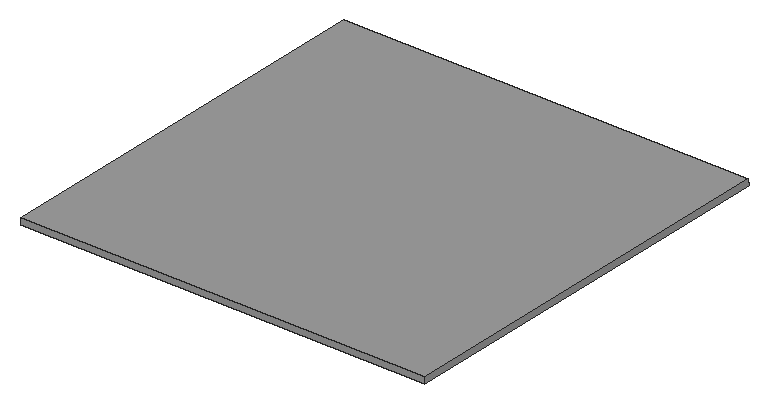
Revit family "WM-MN Suspended Ceiling 60mm Family", category Generic Models, host Ceiling, Revit 2017
Family settings
  Host = Ceiling
  Can host rebar = No
  Round Connector Dimension = Use Diameter
  Part Type = Normal
  Always vertical = Yes
  Cut with Voids When Loaded = No
  Shared = No
  Room Calculation Point = No
Parameters (values of type "Lambdaboard")
  Width = 4000 mm
  URL = "www.rigifoam.com"
  Type Comments = "duncan@rigifoam.com"
  Thermal Resistance = 2.5000 (m²·K)/W
  Thermal Conductivity = 0.0240 W/(m·K)
  Model = "WM/MN Suspended Ceiling 60mm"
  Material = Polyisocyanurate
  Manufacturer = "Lambdaboard"
  Length = 4000 mm
  Description = "Flexible PIR Insulation"
  Depth = 60 mm
  Density = 40.0000 kg/m³
Reference planes
  plane 1 "Center (Front/Back)": y = 0
  plane 2: z = 0
  plane 3 "Center (Left/Right)": x = 0
  plane 4 "Ceiling": z = 4000
Forms (mm)
  Extrusion 1, solid, material "Polyisocyanurate" <- "Material"
    sketch origin (0, 0, 4000) x (0, 1, 0) y (-1, 0, 0)
      loop
        line (2000, 2000) -> (-2000, 2000) -> (-2000, -2000) -> (2000, -2000) -> (2000, 2000)
    from -60 to 0
Dimensions and locks
  equal spacing: host sketch curve, plane 3 "Center (Left/Right)", host sketch curve
  equal spacing: host sketch curve, plane 1 "Center (Front/Back)", host sketch curve
  host sketch curve to host sketch curve = 4000 mm  (x2)
  plane 4 "Ceiling" to host ceiling = 0 mm
  equal spacing: Extrusion 1, plane 3 "Center (Left/Right)", Extrusion 1
  "Length": Extrusion 1 to Extrusion 1
  "Width": Extrusion 1 to Extrusion 1
  "Depth": Extrusion 1 to Extrusion 1
Automatic sketch dimensions
  plane 1 "Center (Front/Back)" to Extrusion 1 sketch curve = 2000 mm
  Extrusion 1 sketch curve to plane 1 "Center (Front/Back)" = 2000 mm
  plane 3 "Center (Left/Right)" to Extrusion 1 sketch curve = 2000 mm
  Extrusion 1 sketch curve to plane 3 "Center (Left/Right)" = 2000 mm
